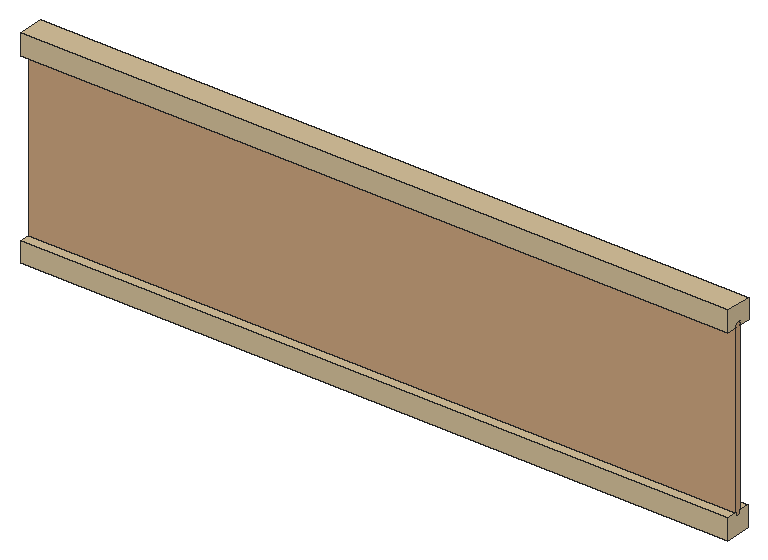
Revit family "I_Joist-Roseburg-LVL", category Structural Framing, Revit 2026
Family settings
  Structural Framing Length Roundoff = 0' - 0"
  Section Shape = Not Defined
  Material for Model Behavior = Wood
  Always export as geometry = No
  Classification Number = 23.25.30.21.17.11
  Always vertical = Yes
  Cut with Voids When Loaded = No
  Symbolic Representation = From Project Settings
  Shared = No
  Show family pre-cut in plan views = Yes
Parameters (values of type "RFPI 20 14")
  b = ""
  URL = "https://www.roseburg.com/engineered-wood/rfpi-joist/"
  Type Comments = ""
  Testing Data = ""
  Structural Material = Engineered Wood - Roseburg - LVL
  Specification = "https://www.arcat.com/company/roseburg-43520/spec"
  Series = ""
  Product Data = "https://www.arcat.com/arcatcos/cos43/arc43520.html"
  Model = "RFPI70 14\""
  Material = ""
  Manufacturer = "Roseburg"
  Keynote = "06 40 00"
  Installation Guide = ""
  Green Building-LEED = "https://www.arcat.com/company/roseburg-43520/leed"
  EWP Application Chart = ""
  Description = "LVL Flange I-Joist"
  Construction Details = "https://www.arcat.com/company/roseburg-43520/cad"
  Building Codes = ""
  Assembly Code = "B10"
  Length [instance] = 5' - 0"
  d = 1' - 2"
  Application Chart = ""
Types (19): name | Series | Model | Description | d
  RFPI 20 14 | "RFPI 20" | "RFPI 20 14\"" | "LVL Flange I-Joist - RFPI 20 14\"" | 1' - 2"
  RFPI 40 14 | "RFPI 40" | "RFPI 40 14\"" | "LVL Flange I-Joist - RFPI 40 14\"" | 1' - 2"
  RFPI 90 9-12 | "RFPI 90" | "RFPI 90 9-1/2\"" | "LVL Flange I-Joist - RFPI 90 9-1/2\"" | 0' - 9 1/2"
  RFPI 70 14 | "RFPI 70" | "RFPI 70 14\"" | "LVL Flange I-Joist - RFPI 70 14\"" | 1' - 2"
  RFPI 400 9-12 | "RFPI 400" | "RFPI 400 9-1/2\"" | "LVL Flange I-Joist - RFPI 400 9-1/2\"" | 0' - 9 1/2"
  RFPI 90 16 | "RFPI 90" | "RFPI 90 16\"" | "LVL Flange I-Joist - RFPI 90 16\"" | 1' - 4"
  RFPI 400 14 | "RFPI 400" | "RFPI 400 14\"" | "LVL Flange I-Joist - RFPI 400 14\"" | 1' - 2"
  RFPI 70 11-78 | "RFPI 70" | "RFPI 70 11-7/8\"" | "LVL Flange I-Joist - RFPI 70 11-7/8\"" | 0' - 11.88"
  RFPI 20 9-12 | "RFPI 20" | "RFPI 20 9-1/2\"" | "LVL Flange I-Joist - RFPI 20 9-1/2\"" | 0' - 9 1/2"
  RFPI 400 11-78 | "RFPI 400" | "RFPI 400 11-7/8\"" | "LVL Flange I-Joist - RFPI 400 11-7/8\"" | 0' - 11.88"
  RFPI 40 16 | "RFPI 40" | "RFPI 40 16\"" | "LVL Flange I-Joist - RFPI 40 16\"" | 1' - 4"
  RFPI 400 16 | "RFPI 400" | "RFPI 400 16\"" | "LVL Flange I-Joist - RFPI 400 16\"" | 1' - 4"
  RFPI 70 16 | "RFPI 70" | "RFPI 70 16\"" | "LVL Flange I-Joist - RFPI 70 16\"" | 1' - 4"
  RFPI 40 9-12 | "RFPI 40" | "RFPI 40 9-1/2\"" | "LVL Flange I-Joist - RFPI 40 9-1/2\"" | 0' - 9 1/2"
  RFPI 70 9-12 | "RFPI 70" | "RFPI 70 9-1/2\"" | "LVL Flange I-Joist - RFPI 70 9-1/2\"" | 0' - 9 1/2"
  RFPI 20 11-78 | "RFPI 20" | "RFPI 20 11-7/8\"" | "LVL Flange I-Joist - RFPI 20 11-7/8\"" | 0' - 11.88"
  RFPI 90 14 | "RFPI 90" | "RFPI 90 14\"" | "LVL Flange I-Joist - RFPI 90 14\"" | 1' - 2"
  RFPI 40 11-78 | "RFPI 40" | "RFPI 40 11-7/8\"" | "LVL Flange I-Joist - RFPI 40 11-7/8\"" | 0' - 11.88"
  RFPI 90 11-78 | "RFPI 90" | "RFPI 90 11-7/8\"" | "LVL Flange I-Joist - RFPI 90 11-7/8\"" | 0' - 11.88"
Reference planes (in)
  plane 1 "Center (Front/Back)": y = 0
  plane 2: z = 0
  plane 3 "Center (Left/Right)": x = 0.1815
  plane 4 "Member Left": x = -23.8185
  plane 5 "Member Right": x = 24.1815
  plane 6: y = 0.875
  plane 7: y = -0.875
  plane 8: z = 7
  plane 9: z = -7
  plane 10: z = -5.625
  plane 11: z = 5.625
  plane 12: y = -0.1875
  plane 13: y = 0.1875
  plane 14 "Left": x = -29.8185
  plane 15 "Stick Symbol Left": x = -17.8185
  plane 16 "Stick Symbol Right": x = 18.1815
  plane 17 "Right": x = 30.1815
Forms (in)
  Extrusion 1, solid, material "Engineered Wood - Roseburg - LVL" <- "Structural Material", detail levels medium+fine
    sketch origin (0.1815, 0, 0) x (0, 1, 0) y (0, 0, 1)
      loop
        line (0.875, 7) -> (-0.875, 7) -> (-0.875, 5.625) -> (-0.1875, 5.625) -> (-0.1875, 5.875) -> (0.1875, 5.875) -> (0.1875, 5.625) -> (0.875, 5.625) -> (0.875, 7)
      loop
        line (0.875, -7) -> (0.875, -5.625) -> (0.1875, -5.625) -> (0.1875, -5.8461) -> (-0.1875, -5.8461) -> (-0.1875, -5.625) -> (-0.875, -5.625) -> (-0.875, -7) -> (0.875, -7)
    from -24 to 24
  Extrusion 2, solid, material "Engineered Wood - Roseburg - OSB", detail levels medium+fine
    sketch origin (0.1815, 0, 0) x (0, 1, 0) y (0, 0, 1)
      loop
        line (0.1875, 5.875) -> (-0.1875, 5.875) -> (-0.1875, -5.8461) -> (0.1875, -5.8461) -> (0.1875, 5.875)
    from -24 to 24
Lines and regions (in)
  symbolic lines, style "Stick Symbols", detail levels coarse
    curve 1: line (0, -0.875, -7) -> (0, 0.875, -7)
    curve 2: line (0, 0.875, -7) -> (0, 0.875, -5.625)
    curve 3: line (0, 0.875, -5.625) -> (0, 0.1875, -5.625)
    curve 4: line (0, 0.1875, -5.625) -> (0, 0.1875, 5.625)
    curve 5: line (0, 0.1875, 5.625) -> (0, 0.875, 5.625)
    curve 6: line (0, 0.875, 5.625) -> (0, 0.875, 7)
    curve 7: line (0, 0.875, 7) -> (0, -0.875, 7)
    curve 8: line (0, -0.875, 7) -> (0, -0.875, 5.625)
    curve 9: line (0, -0.875, 5.625) -> (0, -0.1875, 5.625)
    curve 10: line (0, -0.1875, 5.625) -> (0, -0.1875, -5.625)
    curve 11: line (0, -0.1875, -5.625) -> (0, -0.875, -5.625)
    curve 12: line (0, -0.875, -5.625) -> (0, -0.875, -7)
Dimensions and locks (in)
  locked: plane 6 to plane 7 at 1.75
  "d": plane 9 to plane 8
  equal spacing: plane 9, plane 2, plane 8
  equal spacing: plane 6, plane 1 "Center (Front/Back)", plane 7
  plane 11 to plane 8 = 0' - 1 3/8"
  plane 9 to plane 10 = 0' - 1 3/8"
  equal spacing: plane 13, plane 1 "Center (Front/Back)", plane 12
  plane 13 to plane 12 = 0' - 0 3/8"
  locked: Extrusion 1 sketch curve to plane 11 at 0.25
  locked: Extrusion 1 sketch curve to plane 10 at 0.2211
  "Length": plane 14 "Left" to plane 17 "Right"
  aligned and locked: plane 6 to Extrusion 1 sketch curve
  aligned and locked: Extrusion 1 sketch curve to plane 8
  aligned and locked: plane 9 to Extrusion 1 sketch curve
  aligned and locked: Extrusion 1 sketch curve to plane 7
  aligned and locked: Extrusion 2 sketch curve to Extrusion 1  (x4)
  aligned and locked: curve 8 to plane 7
  aligned and locked: curve 12 to plane 7
  aligned and locked: plane 9 to curve 1
  aligned and locked: curve 7 to plane 8
  aligned and locked: plane 6 to curve 2
  aligned and locked: plane 6 to curve 6
  aligned and locked: curve 3 to Extrusion 1
  aligned and locked: curve 11 to Extrusion 1
  aligned and locked: curve 9 to Extrusion 1
  aligned and locked: curve 5 to Extrusion 1
  aligned and locked: Extrusion 2 to curve 4
  aligned and locked: Extrusion 2 to curve 10
  aligned and locked: Extrusion 1 to Extrusion 2  (x2)
  aligned and locked: plane 4 "Member Left" to Extrusion 1
  aligned and locked: Extrusion 1 to plane 5 "Member Right"
Automatic sketch dimensions
  Extrusion 1 sketch curve to plane 7 = 0' - 0"
  plane 10 to Extrusion 1 sketch curve = 0' - 0"  (x2)
  Extrusion 1 sketch curve to plane 12 = 0' - 0"  (x2)
  plane 11 to Extrusion 1 sketch curve = 0' - 0"  (x2)
  Extrusion 1 sketch curve to plane 13 = 0' - 0"  (x2)
  Extrusion 1 sketch curve to plane 6 = 0' - 0"
